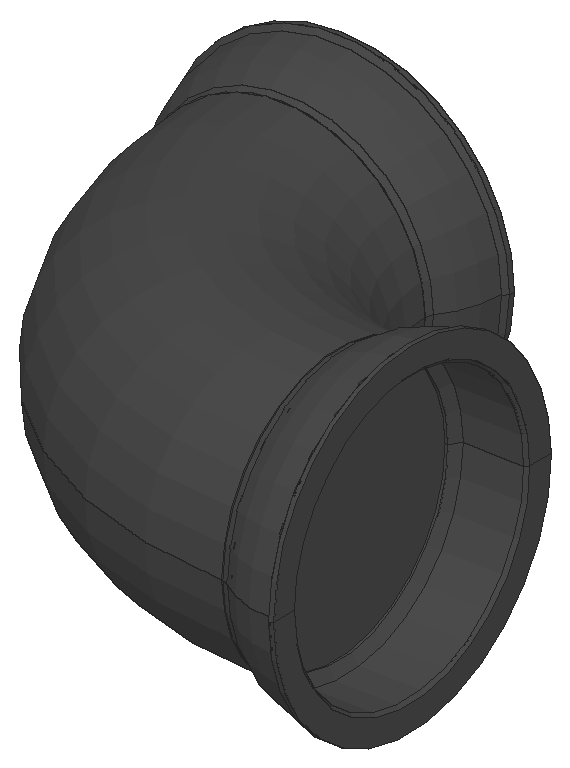
Revit family "FoFo_BB_Curva90", category Pipe Fittings, Revit 2025
Family settings
  Round Connector Dimension = Use Radius
  Part Type = Elbow
  OmniClass Number = 23.60.30.11.14
  OmniClass Title = Pipework Fittings
  Work Plane-Based = Yes
  Always vertical = No
  Cut with Voids When Loaded = No
  Shared = Yes
Parameters (values of type "C90JGS_0400")
  Material_Conexao = FOFO
  Manufacturer = "SGC"
  Loss Method = K Coefficient from Table
  K Coefficient Table = "Tee"
  Junta_1_Tipo = FoFo_BO_Junta : JGS_0400
  Description = "Curva 90"
  Default Elevation = 0.0 mm
  DN = "400"
  Corpo_L = 420.0 mm
  Corpo_RE1 = 0.5 * Corpo_DE  # 214.5 mm
  Corpo_DE = 429.0 mm
Reference planes
  plane 1 "EixoP": y = 0
  plane 2: z = 0
  plane 3 "EixoS": x = 373.25
  plane 4 "KK": y = 420
  plane 5: x = 793.25
Forms (mm)
  Sweep 1, solid, material "FOFO" <- "Material_Conexao"
    path origin (0, 0, 0) x (1, 0, 0) y (0, 1, 0)
      loop
        arc (793.25, 0) -> (496.265, 123.015) -> (373.25, 420) r 420
    profile origin (496.265, 123.015, 0) x (-0.707107, -0.707107, 0) y (0, 0, 1)
      loop
        circle (0, 0) r 214.5
Lines and regions (mm)
  reference lines
    curve 1: line (373.25, 0, 0) -> (373.25, 420, 0)
    curve 2: line (373.25, 0, 0) -> (793.25, 0, 0)
  model lines, style "PipeFittingCenterLine"
    curve 3: line (373.25, 0, 0) -> (373.25, 420, 0)
    curve 4: line (373.25, 0, 0) -> (793.25, 0, 0)
Dimensions and locks
  "Corpo_L": plane 3 "EixoS" to plane 5
  "Corpo_L": plane 4 "KK" to plane 1 "EixoP"
  "Corpo_DE": diameter of Sweep 1 sketch curve
  locked: curve 2 to curve 1 (angle 90.00°)
  aligned and locked: Sweep 1 sketch curve to plane 5
  aligned and locked: plane 4 "KK" to Sweep 1 sketch curve
  aligned and locked: plane 4 "KK" to curve 1
  aligned and locked: plane 1 "EixoP" to curve 2
  aligned and locked: plane 3 "EixoS" to curve 2
  aligned and locked: curve 3 to plane 3 "EixoS"
  aligned and locked: curve 4 to curve 2
  aligned and locked: plane 5 to nested 1
  aligned and locked: nested 2 to plane 3 "EixoS"
  aligned and locked: nested 2 to plane 4 "KK"
Automatic sketch dimensions
  plane 1 "EixoP" to Sweep 1 sketch curve = 0.0 mm
  curve 4 to plane 5 = 0.0 mm
  curve 3 to plane 4 "KK" = 0.0 mm
  level to Sweep 1 sketch curve = 0.0 mm
  Sweep 1 sketch curve to profile plane = 0.0 mm
Nested families
  nested 1: "FoFo_BO_Junta" at (-1825, 0, 0), type <- "Junta_1_Tipo", type "JGS_0400"
  nested 2: "FoFo_BO_Junta" at (373.25, -2198.25, 0) x (0, 1, 0) z (0, 0, 1), type <- "Junta_1_Tipo", type "JGS_0400"
Connectors
  piping at (793.25, 0, 0), diameter 429, driven by "Corpo_RE1"
    settings: on Sweep 1, index 1, connector inside diameter 24", connector length 0.0 mm, flow factor 0, pipe flow 0 GPM, pressure drop 0.00 psi, fitting loss kfactor 0, connector angle 0.00°, fixture units 0, engagement length 0.0 mm, angle of deflection 0.00°, flow configuration 0, flow direction 0, fitting loss method 0, system type 7, joint type 0, gender type 0, connector reference index -1, connector utility 0, adjustable connector no, is connector primary yes, connector description ""
  piping at (373.25, 420, 0), diameter 429, driven by "Corpo_RE1"
    settings: on Sweep 1, index 2, connector inside diameter 24", connector length 0.0 mm, flow factor 0, pipe flow 0 GPM, pressure drop 0.00 psi, fitting loss kfactor 0, connector angle 0.00°, fixture units 0, engagement length 0.0 mm, angle of deflection 0.00°, flow configuration 0, flow direction 0, fitting loss method 0, system type 7, joint type 0, gender type 0, connector reference index -1, connector utility 0, adjustable connector no, is connector primary no, connector description ""
Definition of nested family "FoFo_BO_Junta"
  Parameters (values of type "JGS_0400")
    Manufacturer = "SGC"
    Loss Method = 1
    K Coefficient Table = "Tee"
    Description = "Bolsas JGS - JTI - JTE"
    Default Elevation = 0.0 mm
    DN = "400"
    Bolsa_RL = 0.5 * Bolsa_DL  # 200.0 mm
    Material_Conexao = none
    Bolsa_DL = 400.0 mm
    Bolsa_Borde3 = Bolsa_Borde1 * 1.1  # 7.7 mm
    Bolsa_Borde1 = 7.0 mm
    Bolsa_RI = 0.5 * Bolsa_DI  # 216.0 mm
    Bolsa_RE = 0.5 * Bolsa_DE  # 214.5 mm
    Bolsa_RB = 0.5 * Bolsa_DB  # 258.5 mm
    Bolsa_Borde2 = Bolsa_Borde1 * 2  # 14.0 mm
    Bolsa_P = 112.0 mm
    Bolsa_E2 = 0.5 * Bolsa_E  # 3.0 mm
    Bolsa_E = 6.0 mm
    Bolsa_DI = 432.0 mm
    Bolsa_DE = 429.0 mm
    Bolsa_DB = 517.0 mm
  Types (16, lengths in mm): name | DN | Bolsa_RL | Bolsa_DL | Bolsa_RI | Bolsa_RE | Bolsa_RB | Bolsa_P | Bolsa_DI | Bolsa_DE | Bolsa_DB
    JGS_1200 | "1200" | 600.0 | 1200.0 | 629.0 | 627.5 | 706.0 | 167.0 | 1258.0 | 1255.0 | 1412.0
    JGS_1000 | "1000" | 500.0 | 1000.0 | 525.5 | 524.0 | 595.5 | 157.0 | 1051.0 | 1048.0 | 1191.0
    JGS_0900 | "900" | 450.0 | 900.0 | 474.0 | 472.5 | 541.0 | 147.0 | 948.0 | 945.0 | 1082.0
    JGS_0800 | "800" | 400.0 | 800.0 | 422.5 | 421.0 | 487.0 | 147.0 | 845.0 | 842.0 | 974.0
    JGS_0700 | "700" | 350.0 | 700.0 | 370.5 | 369.0 | 431.5 | 147.0 | 741.0 | 738.0 | 863.0
    JGS_0600 | "600" | 300.0 | 600.0 | 319.0 | 317.5 | 369.5 | 122.0 | 638.0 | 635.0 | 739.0
    JGS_0500 | "500" | 250.0 | 500.0 | 267.5 | 266.0 | 315.0 | 117.0 | 535.0 | 532.0 | 630.0
    JGS_0450 | "450" | 225.0 | 450.0 | 241.5 | 240.0 | 287.5 | 115.0 | 483.0 | 480.0 | 575.0
    JGS_0400 | "400" | 200.0 | 400.0 | 216.0 | 214.5 | 258.5 | 112.0 | 432.0 | 429.0 | 517.0
    JGS_0350 | "350" | 175.0 | 350.0 | 190.5 | 189.0 | 232.5 | 110.0 | 381.0 | 378.0 | 465.0
    JGS_0300 | "300" | 150.0 | 300.0 | 164.5 | 163.0 | 205.0 | 107.0 | 329.0 | 326.0 | 410.0
    JGS_0250 | "250" | 125.0 | 250.0 | 138.5 | 137.0 | 176.5 | 105.0 | 277.0 | 274.0 | 353.0
    JGS_0200 | "200" | 100.0 | 200.0 | 112.5 | 111.0 | 148.0 | 106.0 | 225.0 | 222.0 | 296.0
    JGS_0150 | "150" | 75.0 | 150.0 | 86.5 | 85.0 | 121.5 | 100.0 | 173.0 | 170.0 | 243.0
    JGS_0100 | "100" | 50.0 | 100.0 | 60.5 | 59.0 | 94.5 | 94.0 | 121.0 | 118.0 | 189.0
    JGS_0080 | "80" | 40.0 | 80.0 | 50.5 | 49.0 | 84.0 | 92.0 | 101.0 | 98.0 | 168.0
  Reference planes
    plane 1 "EixoP": y = 0
    plane 2: z = 0
    plane 3 "EixoS": x = 2618.25
    plane 4: x = 2730.25
    plane 5: y = 258.5
    plane 6: y = 216
    plane 7: y = 214.5
    plane 8: y = 200
  Forms (mm)
    Revolve 1, solid, material <- "Material_Conexao"
      sketch origin (-3000, 0, 0) x (1, 0, 0) y (0, 1, 0)
        loop
          arc (5716.25, 250.8) -> (5670.117, 241.457) -> (5628.857, 218.804) r 156.302
          line (5628.857, 218.804) -> (5618.25, 214.5) -> (5618.25, 200.5) -> (5623.25, 200.5) -> (5633.25, 216) -> (5725.25, 216) -> (5730.25, 221) -> (5730.25, 258.5) -> (5723.25, 258.5) -> (5716.25, 250.8)
        axis (5618.25, 0) -> (5730.25, 0)
      angle from 0 to 360
  Lines and regions (mm)
    model lines
      curve 1: line (2731.572, 0, 0) -> (2618.25, 0, 0)
      curve 2: line (2618.25, 0, 200.5) -> (2618.25, 0, -200.5)
  Dimensions and locks
    "Bolsa_Borde1": Revolve 1 sketch curve to Revolve 1 sketch curve
    "Bolsa_Borde2": Revolve 1 sketch curve to Revolve 1 sketch curve
    "Bolsa_Borde3": Revolve 1 sketch curve to Revolve 1 sketch curve
    "Bolsa_P": plane 3 "EixoS" to Revolve 1 sketch curve
    "Bolsa_P": plane 4 to plane 3 "EixoS"
    "Bolsa_RB": plane 5 to plane 1 "EixoP"
    "Bolsa_RI": plane 6 to plane 1 "EixoP"
    "Bolsa_RE": plane 7 to plane 1 "EixoP"
    "Bolsa_RL": plane 8 to plane 1 "EixoP"
    aligned and locked: Revolve 1 sketch curve to plane 1 "EixoP"
    aligned and locked: Revolve 1 sketch curve to plane 5
    aligned and locked: plane 6 to Revolve 1 sketch curve
    aligned and locked: curve 1 to plane 1 "EixoP"
    aligned and locked: curve 2 to plane 1 "EixoP"
  Automatic sketch dimensions
    curve 1 to plane 3 "EixoS" = 0.0 mm
    plane 4 to curve 1 = 1.322 mm
    curve 2 to level = 200.5 mm
    level to curve 2 = 200.5 mm
    Revolve 1 sketch curve to plane 3 "EixoS" = 0.0 mm  (x2)
    Revolve 1 sketch curve to plane 7 = 0.0 mm
    plane 8 to Revolve 1 sketch curve = 0.5 mm
    plane 3 "EixoS" to Revolve 1 sketch curve = 5.0 mm
    plane 6 to Revolve 1 sketch curve = 2.804 mm
    plane 3 "EixoS" to Revolve 1 sketch curve = 10.607 mm
    Revolve 1 sketch curve to Revolve 1 sketch curve = 4.393 mm
    Revolve 1 sketch curve to plane 4 = 6.397 mm
    Revolve 1 sketch curve to plane 4 = 5.0 mm
    plane 6 to Revolve 1 sketch curve = 5.0 mm
    plane 4 to Revolve 1 sketch curve = 9.153 mm
Types in the file's own list only (10): name | Junta_1_Tipo | DN | Corpo_L | Corpo_RE1 | Corpo_DE
  C90JGS_0080 | FoFo_BO_Junta : JGS_0080 | "80" | 100.0 mm | 49.0 mm | 98.0 mm
  C90JGS_0100 | FoFo_BO_Junta : JGS_0100 | "100" | 120.0 mm | 59.0 mm | 118.0 mm
  C90JGS_0150 | FoFo_BO_Junta : JGS_0150 | "150" | 170.0 mm | 85.0 mm | 170.0 mm
  C90JGS_0200 | FoFo_BO_Junta : JGS_0200 | "200" | 220.0 mm | 111.0 mm | 222.0 mm
  C90JGS_0250 | FoFo_BO_Junta : JGS_0250 | "250" | 270.0 mm | 137.0 mm | 274.0 mm
  C90JGS_0300 | FoFo_BO_Junta : JGS_0300 | "300" | 320.0 mm | 163.0 mm | 326.0 mm
  C90JGS_0350 | FoFo_BO_Junta : JGS_0350 | "350" | 370.0 mm | 189.0 mm | 378.0 mm
  C90JGS_0450 | FoFo_BO_Junta : JGS_0450 | "450" | 470.0 mm | 240.0 mm | 480.0 mm
  C90JGS_0500 | FoFo_BO_Junta : JGS_0500 | "500" | 520.0 mm | 266.0 mm | 532.0 mm
  C90JGS_0600 | FoFo_BO_Junta : JGS_0600 | "600" | 620.0 mm | 317.5 mm | 635.0 mm
